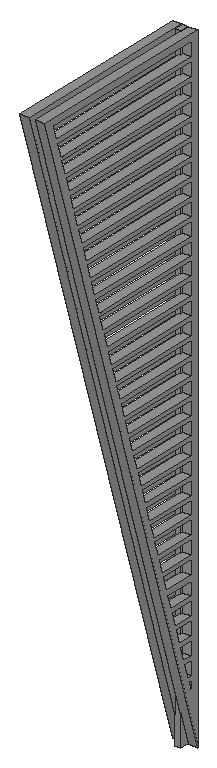
Revit family "MBS_shading panel1__down_90", category Generic Models, Revit 2014
Reference planes
  plane 1 "Center (Front/Back)": y = 0
  plane 2: z = 0
  plane 3 "Center (Left/Right)": x = 0
Dimensions and locks
  aligned and locked: level to plane 2
Nested families
  nested 1: "MBS_rounding mullion shading system1" at (100, -200, 0), type "MBS_rounding mullion shading system1"
    with rounding mullion height 2700 mm
  nested 2: "MBS_shading panel1" at (155, -200, 0) x (0, 1, 0) z (-1, 0, 0), type "MBS_shading panel1"
    with shad panel thickness 40 mm, shad panel 1 void height 2700 mm
  nested 3: "MBS_shading panel1" at (180, -200, 0) x (0, 1, 0) z (1, 0, 0), type "MBS_shading panel1"
    with shad panel thickness 40 mm, shad panel 1 void height 2700 mm
Definition of nested family "MBS_rounding mullion shading system1"
  Parameters (values of type "MBS_rounding mullion shading system1")
    rounding mullion mater = Steel, Galvanized rounding mull
    rounding mullion height [instance] = 2700 mm
    Default Elevation = 1219.2 mm
  Reference planes
    plane 1 "Center (Front/Back)": y = 0
    plane 2: z = 0
    plane 3 "Center (Left/Right)": x = 0
  Forms (mm)
    Extrusion 1, solid
      sketch origin (0, 0, 0) x (1, 0, 0) y (0, 1, 0)
        loop
          line (-1219.2, 1219.2) -> (-1219.2, -1219.2) -> (1219.2, -1219.2) -> (1219.2, 1219.2) -> (-1219.2, 1219.2)
      from 0 to -304.8
    Extrusion 2, solid, material "Steel, Galvanized rounding mull" <- "rounding mullion mater"
      sketch origin (0, 0, 0) x (1, 0, 0) y (0, 1, 0)
        loop
          line (55, 0) -> (55, -40) -> (80, -40) -> (80, 0) -> (55, 0)
      from 0 to 2700 <- "rounding mullion height"
  Dimensions and locks
    aligned and locked: plane 2 to Extrusion 1
    aligned and locked: level to Extrusion 1
Definition of nested family "MBS_shading panel1"
  Parameters (values of type "MBS_shading panel1")
    shading panel mater = Oak, White shading panel
    shad panel thickness [instance] = 40 mm
    shad panel 1 void height [instance] = 2700 mm
    panel hole = 60 mm
    Default Elevation = 1219.2 mm
  Reference planes
    plane 1 "Center (Front/Back)": y = 0
    plane 2: z = 0
    plane 3 "Center (Left/Right)": x = 0
    plane 4: y = -281.851
    plane 5: y = -341.851
    plane 6: y = -356.851
    plane 7: y = -416.851
    plane 8: through (-30, -206.851, 1219.2) normal (0.9588, -0.2841, 0)
    plane 9: y = -431.851
    plane 10: y = -491.851
    plane 11: y = -506.851
    plane 12: y = -566.851
    plane 13: y = -581.851
    plane 14: y = -641.851
    plane 15: y = -661.851
    plane 16: y = -721.851
    plane 17: y = -736.851
    plane 18: y = -796.851
    plane 19: y = -811.851
    plane 20: y = -871.851
    plane 21: y = -886.851
    plane 22: y = -946.851
    plane 23: y = -961.851
    plane 24: y = -1021.851
    plane 25: y = -1036.851
    plane 26: y = -1096.851
    plane 27: y = -1111.851
    plane 28: y = -1171.851
    plane 29: y = -1186.851
    plane 30: y = -1246.851
    plane 31: y = -1261.851
    plane 32: y = -1321.851
    plane 33: y = -1336.851
    plane 34: y = -1396.851
    plane 35: y = -1411.851
    plane 36: y = -1471.851
    plane 37: y = -1486.851
    plane 38: y = -1546.851
    plane 39: y = -1561.851
    plane 40: y = -1621.851
    plane 41: y = -1636.851
    plane 42: y = -1696.851
    plane 43: y = -1711.851
    plane 44: y = -1771.851
    plane 45: y = -1786.851
    plane 46: y = -1846.851
    plane 47: y = -1861.851
    plane 48: y = -1921.851
    plane 49: y = -1936.851
    plane 50: y = -1996.851
    plane 51: y = -2011.851
    plane 52: y = -2071.851
    plane 53: y = -2086.851
    plane 54: y = -2146.851
    plane 55: y = -2161.851
    plane 56: y = -2221.851
    plane 57: y = -2236.851
    plane 58: y = -2296.851
    plane 59: y = -2311.851
    plane 60: y = -2371.851
    plane 61: y = -2386.851
    plane 62: y = -2446.851
    plane 63: y = -2521.851
    plane 64: y = -2461.851
    plane 65: y = -2536.851
    plane 66: y = -2596.851
    plane 67: y = -2611.851
    plane 68: y = -2671.851
  Forms (mm)
    Extrusion 1, solid
      sketch origin (0, 0, 0) x (1, 0, 0) y (0, 1, 0)
        loop
          line (-1219.2, 1219.2) -> (-1219.2, -1219.2) -> (1219.2, -1219.2) -> (1219.2, 1219.2) -> (-1219.2, 1219.2)
      from 0 to -304.8
    Extrusion 2, solid, material "Oak, White shading panel" <- "shading panel mater"
      sketch origin (227.833, -1442.49, 0) x (1, 0, 0) y (0, 1, 0)
        loop
          line (-227.833, 1442.49) -> (-1027.833, -1257.51) -> (-227.833, -1257.51) -> (-227.833, 1442.49)
        loop
          line (-257.833, 1235.639) -> (-275.611, 1175.639) -> (-257.833, 1175.639) -> (-257.833, 1235.639)
        loop
          line (-257.833, 1160.639) -> (-280.056, 1160.639) -> (-297.833, 1100.639) -> (-257.833, 1100.639) -> (-257.833, 1160.639)
        loop
          line (-257.833, 1085.639) -> (-302.278, 1085.639) -> (-320.056, 1025.639) -> (-257.833, 1025.639) -> (-257.833, 1085.639)
        loop
          line (-257.833, 1010.639) -> (-324.5, 1010.639) -> (-342.278, 950.639) -> (-257.833, 950.639) -> (-257.833, 1010.639)
        loop
          line (-257.833, 860.639) -> (-368.944, 860.639) -> (-386.722, 800.639) -> (-257.833, 800.639) -> (-257.833, 860.639)
        loop
          line (-257.833, 935.639) -> (-346.722, 935.639) -> (-364.5, 875.639) -> (-257.833, 875.639) -> (-257.833, 935.639)
        loop
          line (-257.833, 780.639) -> (-392.648, 780.639) -> (-410.426, 720.639) -> (-257.833, 720.639) -> (-257.833, 780.639)
        loop
          line (-257.833, 705.639) -> (-414.87, 705.639) -> (-432.648, 645.639) -> (-257.833, 645.639) -> (-257.833, 705.639)
        loop
          line (-257.833, 630.639) -> (-437.093, 630.639) -> (-454.87, 570.639) -> (-257.833, 570.639) -> (-257.833, 630.639)
        loop
          line (-257.833, 555.639) -> (-459.315, 555.639) -> (-477.093, 495.639) -> (-257.833, 495.639) -> (-257.833, 555.639)
        loop
          line (-257.833, 480.639) -> (-481.537, 480.639) -> (-499.315, 420.639) -> (-257.833, 420.639) -> (-257.833, 480.639)
        loop
          line (-257.833, 405.639) -> (-503.759, 405.639) -> (-521.537, 345.639) -> (-257.833, 345.639) -> (-257.833, 405.639)
        loop
          line (-257.833, 330.639) -> (-525.982, 330.639) -> (-543.759, 270.639) -> (-257.833, 270.639) -> (-257.833, 330.639)
        loop
          line (-257.833, 255.639) -> (-548.204, 255.639) -> (-565.982, 195.639) -> (-257.833, 195.639) -> (-257.833, 255.639)
        loop
          line (-257.833, 180.639) -> (-570.426, 180.639) -> (-588.204, 120.639) -> (-257.833, 120.639) -> (-257.833, 180.639)
        loop
          line (-257.833, 105.639) -> (-592.648, 105.639) -> (-610.426, 45.639) -> (-257.833, 45.639) -> (-257.833, 105.639)
        loop
          line (-257.833, 30.639) -> (-614.87, 30.639) -> (-632.648, -29.361) -> (-257.833, -29.361) -> (-257.833, 30.639)
        loop
          line (-257.833, -44.361) -> (-637.093, -44.361) -> (-654.87, -104.361) -> (-257.833, -104.361) -> (-257.833, -44.361)
        loop
          line (-257.833, -119.361) -> (-659.315, -119.361) -> (-677.093, -179.361) -> (-257.833, -179.361) -> (-257.833, -119.361)
        loop
          line (-257.833, -194.361) -> (-681.537, -194.361) -> (-699.315, -254.361) -> (-257.833, -254.361) -> (-257.833, -194.361)
        loop
          line (-257.833, -269.361) -> (-703.759, -269.361) -> (-721.537, -329.361) -> (-257.833, -329.361) -> (-257.833, -269.361)
        loop
          line (-257.833, -344.361) -> (-725.982, -344.361) -> (-743.759, -404.361) -> (-257.833, -404.361) -> (-257.833, -344.361)
        loop
          line (-257.833, -419.361) -> (-748.204, -419.361) -> (-765.982, -479.361) -> (-257.833, -479.361) -> (-257.833, -419.361)
        loop
          line (-257.833, -494.361) -> (-770.426, -494.361) -> (-788.204, -554.361) -> (-257.833, -554.361) -> (-257.833, -494.361)
        loop
          line (-257.833, -569.361) -> (-792.648, -569.361) -> (-810.426, -629.361) -> (-257.833, -629.361) -> (-257.833, -569.361)
        loop
          line (-257.833, -644.361) -> (-814.87, -644.361) -> (-832.648, -704.361) -> (-257.833, -704.361) -> (-257.833, -644.361)
        loop
          line (-257.833, -719.361) -> (-837.093, -719.361) -> (-854.87, -779.361) -> (-257.833, -779.361) -> (-257.833, -719.361)
        loop
          line (-257.833, -794.361) -> (-859.315, -794.361) -> (-877.093, -854.361) -> (-257.833, -854.361) -> (-257.833, -794.361)
        loop
          line (-257.833, -869.361) -> (-881.537, -869.361) -> (-899.315, -929.361) -> (-257.833, -929.361) -> (-257.833, -869.361)
        loop
          line (-257.833, -944.361) -> (-903.759, -944.361) -> (-921.537, -1004.361) -> (-257.833, -1004.361) -> (-257.833, -944.361)
        loop
          line (-257.833, -1019.361) -> (-925.982, -1019.361) -> (-943.759, -1079.361) -> (-257.833, -1079.361) -> (-257.833, -1019.361)
        loop
          line (-257.833, -1094.361) -> (-948.204, -1094.361) -> (-965.982, -1154.361) -> (-257.833, -1154.361) -> (-257.833, -1094.361)
        loop
          line (-257.833, -1169.361) -> (-970.426, -1169.361) -> (-988.204, -1229.361) -> (-257.833, -1229.361) -> (-257.833, -1169.361)
      from 0 to 40 <- "shad panel thickness"
  Dimensions and locks
    "panel hole": plane 4 to plane 5
    "panel hole": plane 6 to plane 7
    "panel hole": plane 9 to plane 10
    "panel hole": plane 11 to plane 12
    "panel hole": plane 13 to plane 14
    "panel hole": plane 15 to plane 16
    "panel hole": plane 17 to plane 18
    "panel hole": plane 19 to plane 20
    "panel hole": plane 21 to plane 22
    "panel hole": plane 23 to plane 24
    "panel hole": plane 25 to plane 26
    "panel hole": plane 27 to plane 28
    "panel hole": plane 29 to plane 30
    "panel hole": plane 31 to plane 32
    "panel hole": plane 33 to plane 34
    "panel hole": plane 35 to plane 36
    "panel hole": plane 37 to plane 38
    "panel hole": plane 39 to plane 40
    "panel hole": plane 41 to plane 42
    "panel hole": plane 43 to plane 44
    "panel hole": plane 45 to plane 46
    "panel hole": plane 47 to plane 48
    "panel hole": plane 49 to plane 50
    "panel hole": plane 51 to plane 52
    "panel hole": plane 53 to plane 54
    "panel hole": plane 55 to plane 56
    "panel hole": plane 57 to plane 58
    "panel hole": plane 59 to plane 60
    "panel hole": plane 61 to plane 62
    "panel hole": plane 64 to plane 63
    "panel hole": plane 65 to plane 66
    "panel hole": plane 67 to plane 68
    aligned and locked: plane 2 to Extrusion 1
    aligned and locked: level to Extrusion 1
    aligned and locked: plane 4 to Extrusion 2 sketch curve
    aligned and locked: plane 5 to Extrusion 2 sketch curve
    aligned and locked: plane 6 to Extrusion 2 sketch curve
    aligned and locked: plane 7 to Extrusion 2 sketch curve
    aligned and locked: plane 8 to Extrusion 2 sketch curve  (x33)
    aligned and locked: plane 9 to Extrusion 2 sketch curve
    aligned and locked: plane 10 to Extrusion 2 sketch curve
    aligned and locked: plane 11 to Extrusion 2 sketch curve
    aligned and locked: plane 12 to Extrusion 2 sketch curve
    aligned and locked: plane 13 to Extrusion 2 sketch curve
    aligned and locked: plane 14 to Extrusion 2 sketch curve
    aligned and locked: plane 15 to Extrusion 2 sketch curve
    aligned and locked: plane 16 to Extrusion 2 sketch curve
    aligned and locked: plane 17 to Extrusion 2 sketch curve
    aligned and locked: plane 18 to Extrusion 2 sketch curve
    aligned and locked: plane 19 to Extrusion 2 sketch curve
    aligned and locked: plane 20 to Extrusion 2 sketch curve
    aligned and locked: plane 21 to Extrusion 2 sketch curve
    aligned and locked: plane 22 to Extrusion 2 sketch curve
    aligned and locked: plane 23 to Extrusion 2 sketch curve
    aligned and locked: plane 24 to Extrusion 2 sketch curve
    aligned and locked: plane 25 to Extrusion 2 sketch curve
    aligned and locked: plane 26 to Extrusion 2 sketch curve
    aligned and locked: plane 27 to Extrusion 2 sketch curve
    aligned and locked: plane 28 to Extrusion 2 sketch curve
    aligned and locked: plane 29 to Extrusion 2 sketch curve
    aligned and locked: plane 30 to Extrusion 2 sketch curve
    aligned and locked: plane 31 to Extrusion 2 sketch curve
    aligned and locked: plane 32 to Extrusion 2 sketch curve
    aligned and locked: plane 33 to Extrusion 2 sketch curve
    aligned and locked: plane 34 to Extrusion 2 sketch curve
    aligned and locked: plane 35 to Extrusion 2 sketch curve
    aligned and locked: plane 36 to Extrusion 2 sketch curve
    aligned and locked: plane 37 to Extrusion 2 sketch curve
    aligned and locked: plane 38 to Extrusion 2 sketch curve
    aligned and locked: plane 39 to Extrusion 2 sketch curve
    aligned and locked: plane 40 to Extrusion 2 sketch curve
    aligned and locked: plane 41 to Extrusion 2 sketch curve
    aligned and locked: plane 42 to Extrusion 2 sketch curve
    aligned and locked: plane 43 to Extrusion 2 sketch curve
    aligned and locked: plane 44 to Extrusion 2 sketch curve
    aligned and locked: plane 45 to Extrusion 2 sketch curve
    aligned and locked: plane 46 to Extrusion 2 sketch curve
    aligned and locked: plane 47 to Extrusion 2 sketch curve
    aligned and locked: plane 48 to Extrusion 2 sketch curve
    aligned and locked: plane 49 to Extrusion 2 sketch curve
    aligned and locked: plane 50 to Extrusion 2 sketch curve
    aligned and locked: plane 51 to Extrusion 2 sketch curve
    aligned and locked: plane 52 to Extrusion 2 sketch curve
    aligned and locked: plane 53 to Extrusion 2 sketch curve
    aligned and locked: plane 54 to Extrusion 2 sketch curve
    aligned and locked: plane 55 to Extrusion 2 sketch curve
    aligned and locked: plane 56 to Extrusion 2 sketch curve
    aligned and locked: plane 57 to Extrusion 2 sketch curve
    aligned and locked: plane 58 to Extrusion 2 sketch curve
    aligned and locked: plane 59 to Extrusion 2 sketch curve
    aligned and locked: plane 60 to Extrusion 2 sketch curve
    aligned and locked: plane 61 to Extrusion 2 sketch curve
    aligned and locked: plane 62 to Extrusion 2 sketch curve
    aligned and locked: plane 63 to Extrusion 2 sketch curve
    aligned and locked: plane 64 to Extrusion 2 sketch curve
    aligned and locked: plane 65 to Extrusion 2 sketch curve
    aligned and locked: plane 66 to Extrusion 2 sketch curve
    aligned and locked: plane 67 to Extrusion 2 sketch curve
    aligned and locked: plane 68 to Extrusion 2 sketch curve
  Automatic sketch dimensions
    Extrusion 1 sketch curve to Extrusion 1 sketch curve = 2438.4 mm  (x2)
    Extrusion 2 sketch curve to plane 3 "Center (Left/Right)" = 0 mm
    plane 1 "Center (Front/Back)" to Extrusion 2 sketch curve = 0 mm
    Extrusion 2 sketch curve to plane 68 = 28.149 mm
    Extrusion 2 sketch curve to Extrusion 2 sketch curve = 39.63 mm
    plane 4 to Extrusion 2 sketch curve = 15 mm
    Extrusion 2 sketch curve to plane 3 "Center (Left/Right)" = 30 mm  (x16)
    Extrusion 2 sketch curve to Extrusion 2 sketch curve = 0 mm  (x17)
